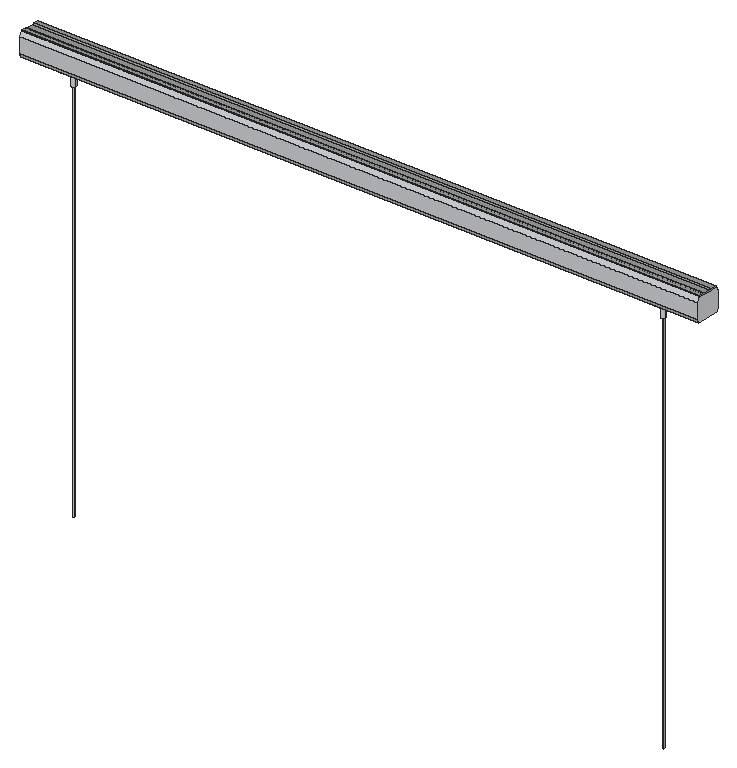
Revit family "0042523 Sylvania Lighting Fixture ISOLINE  1690MM 4K MD UGR DA 8C", category Lighting Fixtures, host Face, Revit 2018
Family settings
  Host = Face
  Round Connector Dimension = Use Diameter
  Part Type = Normal
  OmniClass Number = 23.80.70.00
  OmniClass Title = Lighting
  Cut with Voids When Loaded = No
  Light Source = Yes
  Shared = No
  Room Calculation Point = No
Parameters (values of type "0042523 ISOLINE  1690MM 4K MD UGR DA 8C")
  suspension height = 1000 mm
  spacer height = 5 mm
  spacer centres = 1000 mm
  height = 58.791 mm
  Width = 62 mm
  Weight = "n/a"
  Wattage Comments = ""
  Wattage = 9.2903 W
  WarrantyStartDate [instance] = "n/a"
  WarrantyGuarantorParts = "n/a"
  WarrantyDurationUnit = "n/a"
  WarrantyDurationParts = ""
  WarrantyDescription = "http://www.sylvania-lighting.com"
  built-in parameter 1150110 = 1 (stored number, unit not read)
  Voltage = 0 V
  URL = "0"
  TypeName = "ISOLINE  1690MM 4K MD UGR DA 8C"
  Type Image = <None>
  Type Comments = "n/a"
  built-in parameter 1114217 = 1 (stored number, unit not read)
  Tilt Angle = 90.00°
  built-in parameter 1150109 = 1 (stored number, unit not read)
  built-in parameter 1150134 = 3
  built-in parameter 1150113 = 1 (stored number, unit not read)
  SerialNumber [instance] = "n/a"
  Photometric Web File = "0042523.ies"
  Material_3_FEILO = none
  PowerFactor = 0
  PowerConsumption = "Lighting"
  NominalLength = 62 mm
  NominalHeight = 0 mm
  NominalDepth = 0 mm
  Name = "ISOLINE  1690MM 4K MD UGR DA 8C"
  ModelReference = Name  # "ISOLINE  1690MM 4K MD UGR DA 8C"
  ModelNumber = "0042523"
  Model = Name  # "ISOLINE  1690MM 4K MD UGR DA 8C"
  Material = "Feilo Sylvania"
  ManufacturerName = "157 lm/W"
  Manufacturer = ""
  LuminousEfficacy = ""
  built-in parameter 1150105 = 109.82 (stored number, unit not read)
  Lumens = 1380 lm
  LuminaireType = "0"
  built-in parameter 1150115 = 1 (stored number, unit not read)
  LightOutputRatio = "LED"
  built-in parameter 1150137 = (empty or 0)
  built-in parameter 1150139 = (empty or 0)
  Length = 1690 mm
  LampsType = Lamp  # "n/a"
  LampNominalLuminous = "4000 K"
  LampMacAdamStep = "80"
  LampColourTemperature = "LED"
  LampColourRenderingIndex = "16500"
  built-in parameter 1150112 = 1 (stored number, unit not read)
  built-in parameter 1150114 = 1 (stored number, unit not read)
  Lamp = "n/a"
  Keynote = "n/a"
  InstallationDate [instance] = "n/a"
  InputVoltage = "0"
  InputNominalFrequency = "4000"
  built-in parameter 1150132 = (empty or 0)
  built-in parameter 1150102 = (empty or 0)
  built-in parameter 1150107 = 3200 (stored number, unit not read)
  built-in parameter 1150138 = (empty or 0)
  IngressProtection = "IfcLightFixtureType"
  ImpactProtectionIndex = "IfcLightFixtureType"
  built-in parameter 1150106 = 1.0982 (stored number, unit not read)
  IfcExportType = "IfcLightFixtureType"
  IfcExportAs = "Class I"
  Height = 1000 mm
  ExpectedLife = 50000
  Emit from Circle Diameter = 609.6 mm
  Emit Shape Visible in Rendering = no
  ElectricShockClassification = "157"
  built-in parameter 1150104 = 13.8 (stored number, unit not read)
  DurationUnit = "hours"
  DocumentationLiterature = "http://www.sylvania-lighting.com/product/en-int/products/0042523"
  DimmingControlOptions = "n/a"
  Material_2_FEILO = none
  Dimming Lamp Color Temperature Shift = <None>
  Description = "Isoline LED linear DALI dimmable luminaire for industrial and commercial applications. 1690 mm lenght with medium optics provide homogenous light distribution for aisles and focus areas. Suitable for DALI Dimming. Aluminium housing, RAL 9016. Max + 35 °C operating temperature range, 4000 K, CRI 80, UGR <20, 3 SDMC. 56 W power consumption, 8800 lm luminous flux, 157 lm/W efficacy, 1690 mm x 62 mm x 59 mm (L x W x H) dimensions, IP20, IK03, DC 50/60 Hz, Class I. Lifespan L70:B50 60,000 hours."
  Default Elevation = 1219.2 mm
  CreatedOn = "04/03/2021"
  CreatedBy = "@sylvania-lighting.com"
  Cost = 0
  Color Filter = 16777215
  built-in parameter 1114216 [instance] = (empty or 0)
  ClassificationValue = "EF_70_80"
  ClassificationName = "Uniclass2015"
  Material_1_FEILO = none
  BarCode [instance] = "n/a"
  built-in parameter 1114218 = 1 (stored number, unit not read)
  built-in parameter 1150133 = 10 (stored number, unit not read)
  AssetType = "Fixed"
  AssetIdentifier [instance] = "n/a"
  Assembly Code = "D5020200"
  Apparent Load = 56 VA
  Material_4_FEILO = none
Reference planes
  plane 1 "Center (Front/Back)": y = 0
  plane 2: z = 0
  plane 3 "Center (Left/Right)": x = 0
  plane 4: z = 0
  plane 5: z = 1000
  plane 6: y = 31
  plane 7: y = -31
  plane 8: x = -845
  plane 9: x = 845
  plane 10: x = -37.307
  plane 11: x = 55
  plane 12: z = 1058.791
  plane 13: z = 51
  plane 14: y = -27
  plane 15: y = 27
  plane 16: z = 12
  plane 17: y = -24.969
  plane 18: y = 25
  plane 19: y = 12
  plane 20: y = -12
  plane 21: z = 1.634
  plane 22: y = -8
  plane 23: y = 8
  plane 24: z = 995
  plane 25: y = 26.98
  plane 26: y = 16.98
  plane 27: y = -27.027
  plane 28: y = -17.004
  plane 29: z = 996.5
  plane 30: y = 26.002
  plane 31: y = -26.027
  plane 32: through (-1580, 7.965, 1219.2) normal (0.5391, 0.8423, 0)
  plane 33: through (-1555, 7.965, 1219.2) normal (0.5391, -0.8423, 0)
  plane 34: through (1555, 7.965, 1219.2) normal (0.5391, 0.8423, 0)
  plane 35: through (1580, 8, 1219.2) normal (0.5399, -0.8417, 0)
  plane 36: z = 1058.003
  plane 37: z = 1056.819
  plane 38: x = -735
  plane 39: x = 735
Forms (mm)
  Extrusion 1, solid, detail levels medium+fine
    sketch origin (-1690, -1523.717, -160.594) x (0, -1, -0.000261) y (0, 0.000261, -1)
      loop
        line (-1493, -1168.2) -> (-1497, -1160.2) -> (-1551, -1160.2) -> (-1555, -1168.2) -> (-1555, -1207.2) -> (-1549.109, -1218.982) -> (-1535.466, -1218.982) -> (-1532, -1217.566) -> (-1516, -1217.566) -> (-1512.511, -1218.991) -> (-1498.896, -1218.991) -> (-1493, -1207.2) -> (-1493, -1168.2)
    from 845 to 2535
  Extrusion 2, solid
    sketch origin (722.452, 1524, 1219.247) x (0, 1, 0) y (0, 0, 1)
      loop
        line (-1497.021, -219.189) -> (-1498.02, -219.189) -> (-1507.02, -223.699) -> (-1541.004, -223.699) -> (-1550.017, -219.203) -> (-1551.02, -219.203) -> (-1541.004, -224.2) -> (-1507.02, -224.2) -> (-1497.021, -219.189)
    from 0 to 25
  Extrusion 3, solid
    sketch origin (-747.495, 1524, 1219.189) x (0, 1, 0) y (0, 0, 1)
      loop
        line (-1497.021, -219.189) -> (-1498.02, -219.189) -> (-1507.02, -223.699) -> (-1541.004, -223.699) -> (-1550.017, -219.203) -> (-1551.02, -219.203) -> (-1541.004, -224.2) -> (-1507.02, -224.2) -> (-1497.021, -219.189)
    from 0 to 25
  Extrusion 4, solid
    sketch origin (836.384, 0, 0) x (1, 0, 0) y (0, 1, 0)
      loop
        circle (-1571.7, -0.035) r 5
    from 962.277 to 995
  Extrusion 5, solid
    sketch origin (2306.545, 0.065, 0) x (1, 0, 0) y (0, 1, 0)
      loop
        circle (-1571.7, -0.035) r 5
    from 962.277 to 995
  Extrusion 6, solid
    sketch origin (836.717, 0, 0) x (1, 0, 0) y (0, 1, 0)
      loop
        circle (-1571.7, -0.035) r 1.5
    from 0 to 962.277
  Extrusion 7, solid
    sketch origin (2306.663, 0.033, 0) x (1, 0, 0) y (0, 1, 0)
      loop
        circle (-1571.7, -0.035) r 1.5
    from 0 to 962.277
  Extrusion 8, solid, material "Glass, White, High Luminance", detail levels fine
    sketch origin (319, 1524, 1219.2) x (0, 1, 0) y (0, 0, 1)
      loop
        line (-1498.926, -160.099) -> (-1512.703, -160.099) -> (-1516.213, -161.534) -> (-1531.9, -161.534) -> (-1535.47, -160.114) -> (-1549.12, -160.114) -> (-1549.12, -161.197) -> (-1535.782, -161.197) -> (-1532.805, -162.381) -> (-1515.468, -162.381) -> (-1512.929, -161.197) -> (-1498.926, -161.197) -> (-1498.926, -160.099)
    from -1164 to 526
  Extrusion 9, solid, detail levels coarse
    sketch origin (319, 1524, 1219.2) x (0, 1, 0) y (0, 0, 1)
      loop
        line (-1493, -160.052) -> (-1555, -160.052) -> (-1555, -1219.2) -> (-1493, -1219.2) -> (-1493, -160.052)
    from -1164 to 526
Dimensions and locks
  "Width": plane 6 to plane 7
  equal spacing: plane 6, plane 1 "Center (Front/Back)", plane 7
  "Length": plane 8 to plane 9
  equal spacing: plane 8, plane 3 "Center (Left/Right)", plane 9
  "height": plane 12 to plane 5
  "suspension height": plane 5 to level
  aligned and locked: host face to plane 2
  aligned and locked: host face to level
Automatic sketch dimensions
  host sketch curve to host sketch curve = 3582.803 mm
  host sketch curve to host sketch curve = 2438.4 mm
  Extrusion 1 sketch curve to plane 25 = 0 mm
  Extrusion 1 sketch curve to plane 6 = 0.033 mm
  Extrusion 1 sketch curve to plane 12 = 11.778 mm
  Extrusion 1 sketch curve to Extrusion 1 sketch curve = 4 mm  (x2)
  Extrusion 1 sketch curve to Extrusion 1 sketch curve = 5.891 mm
  Extrusion 1 sketch curve to Extrusion 1 sketch curve = 13.643 mm
  Extrusion 1 sketch curve to Extrusion 1 sketch curve = 3.466 mm
  Extrusion 1 sketch curve to Extrusion 1 sketch curve = 16 mm
  Extrusion 1 sketch curve to Extrusion 1 sketch curve = 3.489 mm
  Extrusion 1 sketch curve to Extrusion 1 sketch curve = 13.615 mm
  Extrusion 1 sketch curve to Extrusion 1 sketch curve = 54 mm
  Extrusion 1 sketch curve to Extrusion 1 sketch curve = 47 mm
  Extrusion 1 sketch curve to Extrusion 1 sketch curve = 10.366 mm
  Extrusion 1 sketch curve to Extrusion 1 sketch curve = 1.425 mm
  Extrusion 1 sketch curve to Extrusion 1 sketch curve = 11.782 mm
  Extrusion 1 sketch curve to Extrusion 1 sketch curve = 8 mm  (x2)
  Extrusion 2 sketch curve to plane 28 = 0 mm  (x2)
  Extrusion 2 sketch curve to plane 26 = 0 mm  (x2)
  plane 5 to Extrusion 2 sketch curve = 0.058 mm
  Extrusion 2 sketch curve to plane 31 = 0.01 mm
  Extrusion 2 sketch curve to plane 27 = 0.007 mm
  plane 30 to Extrusion 2 sketch curve = 0.022 mm
  plane 25 to Extrusion 2 sketch curve = 0.001 mm
  plane 5 to Extrusion 2 sketch curve = 0.044 mm
  plane 24 to Extrusion 2 sketch curve = 0.547 mm
  plane 24 to Extrusion 2 sketch curve = 0.047 mm
  Extrusion 3 sketch curve to plane 28 = 0 mm  (x2)
  Extrusion 3 sketch curve to plane 26 = 0 mm  (x2)
  Extrusion 3 sketch curve to plane 5 = 0 mm
  Extrusion 3 sketch curve to plane 31 = 0.01 mm
  Extrusion 3 sketch curve to plane 27 = 0.007 mm
  plane 30 to Extrusion 3 sketch curve = 0.022 mm
  plane 25 to Extrusion 3 sketch curve = 0.001 mm
  Extrusion 3 sketch curve to plane 5 = 0.014 mm
  plane 24 to Extrusion 3 sketch curve = 0.489 mm
  Extrusion 3 sketch curve to plane 24 = 0.011 mm
  plane 32 to Extrusion 4 sketch curve = 448.592 mm
  plane 33 to Extrusion 4 sketch curve = 448.592 mm
  Extrusion 5 sketch curve to plane 1 "Center (Front/Back)" = 0.029 mm
  plane 32 to Extrusion 6 sketch curve = 448.771 mm
  plane 33 to Extrusion 6 sketch curve = 448.771 mm
  plane 1 "Center (Front/Back)" to Extrusion 7 sketch curve = 0.002 mm
  Extrusion 8 sketch curve to plane 36 = 0 mm  (x2)
  Extrusion 8 sketch curve to plane 37 = 0 mm
  plane 17 to Extrusion 8 sketch curve = 0.151 mm
  Extrusion 8 sketch curve to plane 20 = 0.218 mm
  plane 12 to Extrusion 8 sketch curve = 0.295 mm
  Extrusion 8 sketch curve to plane 20 = 0.53 mm
  plane 22 to Extrusion 8 sketch curve = 0.805 mm
  Extrusion 8 sketch curve to plane 22 = 0.1 mm
  plane 23 to Extrusion 8 sketch curve = 0.213 mm
  Extrusion 8 sketch curve to plane 23 = 0.532 mm
  plane 19 to Extrusion 8 sketch curve = 0.929 mm
  Extrusion 8 sketch curve to plane 18 = 0.074 mm
  plane 37 to Extrusion 8 sketch curve = 0.848 mm
  plane 19 to Extrusion 8 sketch curve = 0.703 mm
  plane 12 to Extrusion 8 sketch curve = 0.31 mm
  Extrusion 9 sketch curve to plane 7 = 0 mm
  Extrusion 9 sketch curve to plane 6 = 0 mm
  Extrusion 9 sketch curve to plane 29 = 996.5 mm
  plane 12 to Extrusion 9 sketch curve = 0.357 mm
  Extrusion 5 sketch curve to plane 39 = 0.155 mm
  Extrusion 7 sketch curve to plane 39 = 0.037 mm
  radius of Extrusion 4 sketch curve = 5 mm
  radius of Extrusion 5 sketch curve = 5 mm
  radius of Extrusion 6 sketch curve = 1.5 mm
  radius of Extrusion 7 sketch curve = 1.5 mm
Connectors
  electrical at (0, -0.02, 1000.004)
    settings: on Extrusion 1, index 1, voltage 0 V, apparent load 0 VA, apparent load phase1 0 VA, apparent load phase2 0 VA, apparent load phase3 0 VA, power factor 1, load classification "Other", number of poles 1, system type 31, power factor state 1, is connector primary yes, connector utility no, sub classification motor no, connector description ""
